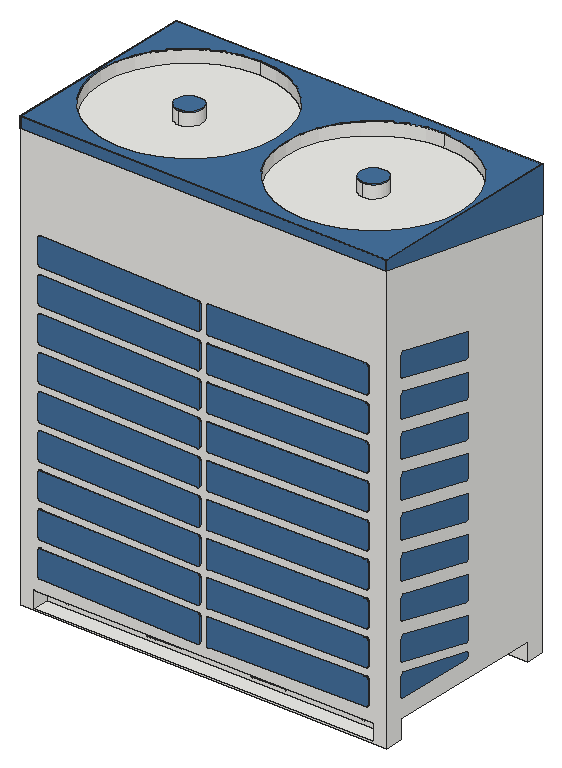
Revit family "bimlib_narujnyeblokisistemakondicionirovaniya_mrv-5-rc_16-22hp_haier", category Оборудование, Revit 2020
Family settings
  Размер круглого соединителя = Использовать диаметр
  Тип детали = Нормальный
  На основе рабочей плоскости = Нет
  Всегда вертикально = Да
  При загрузке вырезать с полостями = Нет
  Общий = Нет
  Точка расчета площади = Нет
Parameters (values of type "AV22IMVURA_22HP_HAIER")
  Тип компрессора = "DC INV. СПИРАЛ."  # constant formula
  Тип хладагента = "R410A"  # constant formula
  Рабочий диапазон_Охлаждение = "-5 ~ 50"  # constant formula
  Рабочий диапазон_Обогрев = "-23 ~ 21"  # constant formula
  Работа на обогрев = no
  Производитель компрессора = "MITSUBISHI ELECTRIC"  # constant formula
  Охлаждение_Номинальный ток = 32.31 A
  Охлаждение_Номинальная потребляемая мощность = 19.57 kW
  Охлаждение_Максимальный ток = 54.5 A
  Охлаждение_Максимальная потребляемая мощность = 33 kW
  Отметка по умолчанию = 0.00 mm
  Обогрев_Номинальный ток = 30.88 A
  Обогрев_Максимальный ток = 50.21 A
  Обогрев_Номинальная потребляемая мощность = 18.7 kW
  Обогрев_Максимальная потребляемая мощность = 30.4 kW
  Частота тока = 50 Hz  # constant formula
  Холодопроизводительность = 63 kW
  Теплопроизводительность = 69 kW
  Изготовитель = [ADSK_Завод-изготовитель]  # "Haier Group"
  Звуковое давление = "64"
  Звуковая мощность = "85"
  Заправка хладагента = 10.00 kg  # constant formula
  Диаметр_Газовой линии нагнетания = 25.40 mm  # constant formula
  Видимость_Зона обслуживания [instance] = no
  Watermark [instance] = "Модели защищены уникальным кодом"
  URL = "www.haier.com"
  Диаметр_Жидкость = 15.88 mm
  Диаметр_Газ = 28.58 mm  # constant formula
  HG_URL поставщика = "www.haierproff.ru"
  BL_Разработано = "support@bimlib.pro"
  BL_BIM library = "https://bimlib.pro/manufacturer/company/23806"
  ADSK_Расход жидкости [instance] = 0.0 L/s
  ADSK_Расход воздуха = 19000.0 m³/h
  ADSK_Размер_Ширина = 1410.00 mm  # constant formula
  ADSK_Размер_Глубина = 750.00 mm  # constant formula
  ADSK_Размер_Высота = 1690.00 mm  # constant formula
  ADSK_Полная мощность = ADSK_Номинальная мощность / ADSK_Коэффициент мощности  # 19570 VA
  ADSK_Обозначение = "MRV 5-RC"  # constant formula
  ADSK_Номинальная мощность = if(Работа на обогрев, Обогрев_Номинальная потребляемая мощность, Охлаждение_Номинальная потребляемая мощность)  # 19570 W
  ADSK_Напряжение = 400 V
  ADSK_Наименование краткое = "VRF-системы MRV 5-RC, 22HP"
  ADSK_Наименование = "Наружный блок VRF-системы кондиционирования MRV 5-RC, 22HP"
  ADSK_Масса = 375
  ADSK_Коэффициент мощности = 1
  ADSK_Количество фаз = 3
  ADSK_Количество = 1  # constant formula
  ADSK_Код изделия = "AV22IMVURA"
  ADSK_Классификация нагрузок = ОВК
  ADSK_Завод-изготовитель = "Haier Group"  # constant formula
  ADSK_Единица измерения = "шт."  # constant formula
  ADSK_Группирование = "VRF-системы MRV 5-RC"  # constant formula
  ADSK_Версия Revit = "2017"  # constant formula
  ADSK_URL страницы изделия = "https://haierproff.ru/material/cond/tech/products/multizonalnie_sistemy_vrf/mrv_V"
  ADSK_URL документации изделия = "https://haierproff.ru/material/cond/tech/products/multizonalnie_sistemy_vrf/mrv_V"
Reference planes
  plane 1 "По центру (Вперед/Назад)": y = 0
  plane 2: z = 0
  plane 3 "По центру (Влево/Вправо)": x = 0
  plane 4: x = -705
  plane 5: x = 705
  plane 6: y = 375
  plane 7: y = -375
  plane 8: z = 1690
  plane 9: z = 70
  plane 10: y = 305
  plane 11: y = -305
  plane 12 "1": y = 375
  plane 13: x = -605
  plane 14: z = 1370.593
  plane 15 "2": z = 210
  plane 16: y = 275
  plane 17 "3": z = 350
  plane 18 "4": z = 120
  plane 19: y = -275
  plane 20 "5": z = 1689
  plane 21: x = -420
  plane 22: x = 420
  plane 23: y = 310
  plane 24: z = 5
  plane 25: y = -310
  plane 26: y = 376
Forms (mm)
  Extrusion 1, solid, material "BIMLIB_Белый_Haier", detail levels medium+fine
    sketch origin (0, 0, 0) x (1, 0, 0) y (0, 1, 0)
      loop
        line (-705, 375) -> (-705, -375) -> (705, -375) -> (705, 375) -> (-705, 375)
    from 0 to 1689
  Extrusion 2, solid, material "BIMLIB_Синий_Haier", detail levels medium+fine
    sketch origin (-705, 375, 0) x (1, 0, 0) y (0, 0, -1)
      loop
        line (765, -1649) -> (0, -1649) -> (0, -1689) -> (1410, -1689) -> (1410, -1513.419) -> (865, -1438.957) -> (865, -1549)
        arc (865, -1549) -> (835.711, -1619.711) -> (765, -1649) r 100
    from 0 to 1
  Extrusion 3, solid, material "BIMLIB_Синий_Haier", detail levels medium+fine
    sketch origin (-705, -375, 0) x (0, 1, 0) y (0, 0, -1)
      loop
        line (751, -1649) -> (0, -1649) -> (0, -1689) -> (751, -1689) -> (751, -1649)
    from 0 to 1
  Extrusion 4, solid, material "BIMLIB_Синий_Haier", detail levels medium+fine
    sketch origin (705, -375, 0) x (-1, 0, 0) y (0, 0, -1)
      loop
        line (1411, -1649) -> (0, -1649) -> (0, -1689) -> (1411, -1689) -> (1411, -1649)
    from 0 to 1
  Extrusion 5, solid, material "BIMLIB_Синий_Haier", detail levels medium+fine
    sketch origin (705, 375, 0) x (0, -1, 0) y (0, 0, -1)
      loop
        line (751, -1649.181) -> (-1, -1513.238) -> (-1, -1689) -> (751, -1689) -> (751, -1649.181)
    from 0 to 1
  Extrusion 6, void, detail levels fine
    sketch origin (0, 0, 1689) x (0, 1, 0) y (1, 0, 0)
      loop
        circle (0, -356) r 340
      loop
        circle (0, -356) r 50
      loop
        circle (0, 356) r 340
      loop
        circle (0, 356) r 50
    from -1 to 49
  Extrusion 7, solid, material "BIMLIB_Синий_Haier", detail levels medium+fine
    sketch origin (500, 0, 1689) x (1, 0, 0) y (0, 1, 0)
      loop
        line (206, 376) -> (-1206, 376) -> (-1206, -376) -> (206, -376) -> (206, 376)
      loop
        circle (-856, 0) r 340
      loop
        circle (-856, 0) r 50
      loop
        circle (-144, 0) r 340
      loop
        circle (-144, 0) r 50
    from 1 to 0
  Extrusion 8, void
    sketch origin (0, 0, 0) x (1, 0, 0) y (0, 1, 0)
      loop
        line (-705, 305) -> (-705, -305) -> (705, -305) -> (705, 305) -> (-705, 305)
    from 0 to 70
  Extrusion 9, void, detail levels medium+fine
    sketch origin (-705, 375, 0) x (-1, 0, 0) y (0, 0, -1)
      loop
        line (-1360, -70) -> (-50, -70) -> (-50, -5) -> (-1360, -5) -> (-1360, -70)
    from 0 to 65
  Extrusion 10, void, detail levels medium+fine
    sketch origin (-705, 375, -45) x (-1, 0, 0) y (0, 0, -1)
      loop
        line (-1360, -115) -> (-50, -115) -> (-50, -50) -> (-1360, -50) -> (-1360, -115)
    from 685 to 750
  Extrusion 11, void
    sketch origin (705, -375, 0) x (1, 0, 0) y (0, 0, -1)
      loop
        arc (-440, -62.392) -> (-432.929, -59.463) -> (-430, -52.392) r 10
        line (-430, -52.392) -> (-430, -27.392)
        arc (-430, -27.392) -> (-432.929, -20.321) -> (-440, -17.392) r 10
        line (-440, -17.392) -> (-565.997, -17.392)
        arc (-565.997, -17.392) -> (-573.068, -20.321) -> (-575.997, -27.392) r 10
        line (-575.997, -27.392) -> (-575.997, -52.392)
        arc (-575.997, -52.392) -> (-573.068, -59.463) -> (-565.997, -62.392) r 10
        line (-565.997, -62.392) -> (-440, -62.392)
      loop
        circle (-133.805, -39.902) r 20
      loop
        line (-970, -62.392) -> (-844.003, -62.392)
        arc (-844.003, -62.392) -> (-836.932, -59.463) -> (-834.003, -52.392) r 10
        line (-834.003, -52.392) -> (-834.003, -27.392)
        arc (-834.003, -27.392) -> (-836.932, -20.321) -> (-844.003, -17.392) r 10
        line (-844.003, -17.392) -> (-970, -17.392)
        arc (-970, -17.392) -> (-977.071, -20.321) -> (-980, -27.392) r 10
        line (-980, -27.392) -> (-980, -52.392)
        arc (-980, -52.392) -> (-977.071, -59.463) -> (-970, -62.392) r 10
      loop
        circle (-1276.195, -39.902) r 20
    from 0 to 735.349
  Extrusion 12, solid, material "BIMLIB_Белый_Haier", detail levels medium+fine
    sketch origin (285, 0, 0) x (1, 0, 0) y (0, 0, 1)
      loop
        circle (261.539, 120) r 14.29
    from -376 to -375
  Extrusion 13, solid, material "BIMLIB_Белый_Haier", detail levels medium+fine
    sketch origin (235, 0, 0) x (1, 0, 0) y (0, 0, 1)
      loop
        circle (261.539, 120) r 7.94
    from -376 to -375
  Extrusion 14, solid, material "BIMLIB_Белый_Haier", detail levels medium+fine
    sketch origin (185, 0, 0) x (1, 0, 0) y (0, 0, 1)
      loop
        circle (261.539, 120) r 12.7
    from -376 to -375
Cuts and joins
  Extrusion 6, Extrusion 8, Extrusion 9, Extrusion 10, Extrusion 11 cuts Extrusion 1
Lines and regions (mm)
  Masking region 1, detail levels coarse
    outline origin (0, 0, 0) x (1, 0, 0) y (0, 1, 0)
      loop
        line (-705, 375) -> (-705, -375) -> (705, -375) -> (705, 375) -> (-705, 375)
  model lines, detail levels medium+fine
    curve 1: line (-155, 375, 1323.97) -> (-155, 375, 70)
    curve 2: line (-100.276, 375, 1403.395) -> (704.944, 375, 1513.411)
    curve 3: arc (-100.276, 375, 1403.395) -> (-139.995, 375, 1372.196) -> (-155, 375, 1323.97) r 85
    curve 4: line (-655, 375, 70) -> (704.944, 375, 70)
    curve 5: line (-705, 375, 1649.161) -> (59.677, 375, 1649.161)
    curve 6: line (160, 375, 1438.957) -> (160, 375, 1548.839)
    curve 7: arc (59.677, 375, 1649.161) -> (130.616, 375, 1619.778) -> (160, 375, 1548.839) r 100.323
    curve 8: line (-705, 375, 1649) -> (-705, -375, 1649)
    curve 9: line (-705, -375, 1649) -> (705, -375, 1649)
    curve 10: line (705, -375, 1649) -> (705, 375, 1513.419)
    curve 11: line (-655, 375, 0) -> (-655, 375, 1649.161)
    curve 12: line (-705, 305, 0) -> (-705, 305, 1649)
    curve 13: line (-705, -305, 0) -> (-705, -305, 1649)
    curve 14: line (705, -305, 0) -> (705, -305, 1636.346)
    curve 15: line (705, 305, 0) -> (705, 305, 1526.073)
    curve 16: line (-655, -375, 0) -> (-655, -375, 1649)
    curve 17: line (655, -375, 1649) -> (655, -375, 0)
    curve 18: line (-155, 375, 295) -> (704.944, 375, 295)
    curve 19: line (-95, 375, 1308.963) -> (-95, 375, 367.763)
    curve 20: line (615, 375, 1214.61) -> (615, 375, 454.354)
    curve 21: line (-95, 375, 1308.963) -> (591.139, 375, 1243.975)
    curve 22: line (590.43, 375, 424.85) -> (-95, 375, 367.763)
    curve 23: arc (591.139, 375, 1243.975) -> (608.283, 375, 1233.528) -> (615, 375, 1214.61) r 30
    curve 24: arc (615, 375, 454.354) -> (608.053, 375, 435.156) -> (590.43, 375, 424.85) r 30
    curve 37: circle (-356, 0, 1640) r 340 normal (0, 0, 1)
    curve 38: line (-96.348, 249.353, 1640) -> (-97.737, 250.792, 1640)
    curve 39: line (-96.348, -249.353, 1640) -> (-97.737, -250.792, 1640)
    curve 40: line (-615.652, -249.353, 1640) -> (-614.263, -250.792, 1640)
    curve 41: line (-615.652, 249.353, 1640) -> (-614.263, 250.792, 1640)
    curve 42: circle (-356, 0, 1640) r 50 normal (0, 0, 1)
    curve 43: line (705, 375, 70) -> (705, -375, 70)
    curve 44: line (-705, 305, 70) -> (-705, -305, 70)
    curve 45: line (-655, -375, 70) -> (655, -375, 70)
    curve 46: circle (557.1, 375, 249.453) r 25 normal (0, 1, 0)
    curve 47: circle (468.57, 375, 251.981) r 25 normal (0, 1, 0)
    curve 48: circle (440.463, 375, 213.367) r 15 normal (0, 1, 0)
    curve 49: circle (512.34, 375, 267.531) r 15 normal (0, 1, 0)
    curve 50: circle (608.548, 375, 214.202) r 15 normal (0, 1, 0)
    curve 51: line (584.43, 375, 70) -> (584.43, 375, 142.923)
    curve 52: line (581.574, 375, 153.224) -> (543.566, 375, 216.479)
    curve 53: line (534.994, 375, 221.329) -> (487.092, 375, 221.329)
    curve 54: line (481.357, 375, 219.52) -> (419.978, 375, 176.543)
    curve 55: line (411.45, 375, 160.16) -> (411.45, 375, 70)
    curve 56: line (472.731, 375, 213.48) -> (472.731, 375, 70)
    curve 57: arc (534.994, 375, 221.329) -> (539.919, 375, 220.032) -> (543.566, 375, 216.479) r 10
    curve 58: arc (487.092, 375, 221.329) -> (484.085, 375, 220.866) -> (481.357, 375, 219.52) r 10
    curve 59: arc (581.574, 375, 153.224) -> (583.703, 375, 148.268) -> (584.43, 375, 142.923) r 20
    curve 60: arc (419.978, 375, 176.543) -> (413.709, 375, 169.395) -> (411.45, 375, 160.16) r 20
    curve 61: line (705, 305, 295) -> (705, 375, 295)
    curve 62: circle (705, 250, 232.622) r 25 normal (1, 0, 0)
    curve 63: circle (705, 250, 178.02) r 25 normal (1, 0, 0)
    curve 64: circle (705, 195.472, 232.622) r 15 normal (1, 0, 0)
    curve 65: circle (705, 195.472, 178.02) r 15 normal (1, 0, 0)
    curve 70: circle (-356, 0, 1640) r 340 normal (0, 0, 1)
    curve 71: line (-96.348, 249.353, 1640) -> (-97.737, 250.792, 1640)
    curve 72: line (-96.348, -249.353, 1640) -> (-97.737, -250.792, 1640)
    curve 73: line (-615.652, -249.353, 1640) -> (-614.263, -250.792, 1640)
    curve 74: line (-615.652, 249.353, 1640) -> (-614.263, 250.792, 1640)
    curve 75: line (-335.742, -45.712, 1640) -> (-213.828, -275, 1640)
    curve 76: arc (-349.827, -49.617, 1640) -> (-347.264, -147.55, 1640) -> (-325.752, -243.126, 1640) r 502.605
    curve 77: arc (-325.752, -243.126, 1640) -> (-278.233, -288.709, 1640) -> (-213.828, -275, 1640) r 70.33
    curve 78: line (-310.288, 20.258, 1640) -> (-81, 142.172, 1640)
    curve 79: arc (-306.383, 6.173, 1640) -> (-208.45, 8.736, 1640) -> (-112.874, 30.248, 1640) r 502.605
    curve 80: arc (-112.874, 30.248, 1640) -> (-67.291, 77.767, 1640) -> (-81, 142.172, 1640) r 70.33
    curve 81: line (-401.712, -20.258, 1640) -> (-631, -142.172, 1640)
    curve 82: arc (-405.617, -6.173, 1640) -> (-503.55, -8.736, 1640) -> (-599.126, -30.248, 1640) r 502.605
    curve 83: arc (-599.126, -30.248, 1640) -> (-644.709, -77.767, 1640) -> (-631, -142.172, 1640) r 70.33
    curve 84: line (-376.258, 45.712, 1640) -> (-498.172, 275, 1640)
    curve 85: arc (-362.173, 49.617, 1640) -> (-364.736, 147.55, 1640) -> (-386.248, 243.126, 1640) r 502.605
    curve 86: arc (-386.248, 243.126, 1640) -> (-433.767, 288.709, 1640) -> (-498.172, 275, 1640) r 70.33
    curve 87: circle (-356, 0, 1640) r 50 normal (0, 0, 1)
    curve 88: circle (356, 0, 1640) r 340 normal (0, 0, 1)
    curve 89: line (615.652, 249.353, 1640) -> (614.263, 250.792, 1640)
    curve 90: line (615.652, -249.353, 1640) -> (614.263, -250.792, 1640)
    curve 91: line (96.348, -249.353, 1640) -> (97.737, -250.792, 1640)
    curve 92: line (96.348, 249.353, 1640) -> (97.737, 250.792, 1640)
    curve 93: line (376.258, -45.712, 1640) -> (498.172, -275, 1640)
    curve 94: arc (362.173, -49.617, 1640) -> (364.736, -147.55, 1640) -> (386.248, -243.126, 1640) r 502.605
    curve 95: arc (386.248, -243.126, 1640) -> (433.767, -288.709, 1640) -> (498.172, -275, 1640) r 70.33
    curve 96: line (401.712, 20.258, 1640) -> (631, 142.172, 1640)
    curve 97: arc (405.617, 6.173, 1640) -> (503.55, 8.736, 1640) -> (599.126, 30.248, 1640) r 502.605
    curve 98: arc (599.126, 30.248, 1640) -> (644.709, 77.767, 1640) -> (631, 142.172, 1640) r 70.33
    curve 99: line (310.288, -20.258, 1640) -> (81, -142.172, 1640)
    curve 100: arc (306.383, -6.173, 1640) -> (208.45, -8.736, 1640) -> (112.874, -30.248, 1640) r 502.605
    curve 101: arc (112.874, -30.248, 1640) -> (67.291, -77.767, 1640) -> (81, -142.172, 1640) r 70.33
    curve 102: line (335.742, 45.712, 1640) -> (213.828, 275, 1640)
    curve 103: arc (349.827, 49.617, 1640) -> (347.264, 147.55, 1640) -> (325.752, 243.126, 1640) r 502.605
    curve 104: arc (325.752, 243.126, 1640) -> (278.233, 288.709, 1640) -> (213.828, 275, 1640) r 70.33
    curve 105: circle (356, 0, 1640) r 50 normal (0, 0, 1)
    curve 106: circle (-356, 0, 1689) r 50 normal (0, 0, 1)
    curve 107: line (-356, -50, 1689) -> (-356, -350, 1689)
    curve 108: line (-406, 0, 1689) -> (-706, 0, 1689)
    curve 109: line (-356, 50, 1689) -> (-356, 350, 1689)
    curve 110: line (-357, 49.99, 1689) -> (-357, 349.999, 1689)
    curve 111: line (-355, 49.99, 1689) -> (-355, 349.999, 1689)
    curve 112: line (-405.99, -1, 1689) -> (-705.999, -1, 1689)
    curve 113: line (-405.99, 1, 1689) -> (-705.999, 1, 1689)
    curve 114: line (-357, -49.99, 1689) -> (-357, -349.999, 1689)
    curve 115: line (-355, -49.99, 1689) -> (-355, -349.999, 1689)
    curve 116: line (-137.348, -249.353, 1640) -> (-138.737, -250.792, 1640)
    curve 117: line (-391.967, -34.733, 1689) -> (-614.958, -250.072, 1689)
    curve 118: line (-392.654, -34.007, 1689) -> (-615.652, -249.353, 1689)
    curve 119: line (-391.265, -35.445, 1689) -> (-614.263, -250.792, 1689)
    curve 120: line (-391.967, 34.733, 1689) -> (-614.958, 250.072, 1689)
    curve 121: line (-392.654, 34.007, 1689) -> (-615.652, 249.353, 1689)
    curve 122: line (-391.265, 35.445, 1689) -> (-614.263, 250.792, 1689)
    curve 123: circle (-356, 0, 1689) r 80 normal (0, 0, 1)
    curve 124: circle (-356, 0, 1689) r 110 normal (0, 0, 1)
    curve 125: circle (-356, 0, 1689) r 140 normal (0, 0, 1)
    curve 126: circle (-356, 0, 1689) r 170 normal (0, 0, 1)
    curve 127: circle (-356, 0, 1689) r 200 normal (0, 0, 1)
    curve 128: circle (-356, 0, 1689) r 230 normal (0, 0, 1)
    curve 129: circle (-356, 0, 1689) r 260 normal (0, 0, 1)
    curve 130: circle (-356, 0, 1689) r 290 normal (0, 0, 1)
    curve 131: circle (-356, 0, 1689) r 320 normal (0, 0, 1)
    curve 132: line (-306, 0, 1689) -> (-6, 0, 1689)
    curve 133: line (-306.01, -1, 1689) -> (-6.001, -1, 1689)
    curve 134: line (-306.01, 1, 1689) -> (-6.001, 1, 1689)
    curve 135: line (-320.033, -34.733, 1689) -> (-97.042, -250.072, 1689)
    curve 136: line (-319.346, -34.007, 1689) -> (-96.348, -249.353, 1689)
    curve 137: line (-320.735, -35.445, 1689) -> (-97.737, -250.792, 1689)
    curve 138: line (-320.033, 34.733, 1689) -> (-97.042, 250.072, 1689)
    curve 139: line (-319.346, 34.007, 1689) -> (-96.348, 249.353, 1689)
    curve 140: line (-320.735, 35.445, 1689) -> (-97.737, 250.792, 1689)
    curve 141: circle (356, 0, 1689) r 50 normal (0, 0, 1)
    curve 142: line (356, -50, 1689) -> (356, -350, 1689)
    curve 143: line (306, 0, 1689) -> (6, 0, 1689)
    curve 144: line (356, 50, 1689) -> (356, 350, 1689)
    curve 145: line (355, 49.99, 1689) -> (355, 349.999, 1689)
    curve 146: line (357, 49.99, 1689) -> (357, 349.999, 1689)
    curve 147: line (306.01, -1, 1689) -> (6.001, -1, 1689)
    curve 148: line (306.01, 1, 1689) -> (6.001, 1, 1689)
    curve 149: line (355, -49.99, 1689) -> (355, -349.999, 1689)
    curve 150: line (357, -49.99, 1689) -> (357, -349.999, 1689)
    curve 151: line (474.652, -249.353, 1640) -> (473.263, -250.792, 1640)
    curve 152: line (320.033, -34.733, 1689) -> (97.042, -250.072, 1689)
    curve 153: line (319.346, -34.007, 1689) -> (96.348, -249.353, 1689)
    curve 154: line (320.735, -35.445, 1689) -> (97.737, -250.792, 1689)
    curve 155: line (-44.652, -249.353, 1640) -> (-43.263, -250.792, 1640)
    curve 156: line (320.033, 34.733, 1689) -> (97.042, 250.072, 1689)
    curve 157: line (319.346, 34.007, 1689) -> (96.348, 249.353, 1689)
    curve 158: line (320.735, 35.445, 1689) -> (97.737, 250.792, 1689)
    curve 159: circle (356, 0, 1689) r 80 normal (0, 0, 1)
    curve 160: circle (356, 0, 1689) r 110 normal (0, 0, 1)
    curve 161: circle (356, 0, 1689) r 140 normal (0, 0, 1)
    curve 162: circle (356, 0, 1689) r 170 normal (0, 0, 1)
    curve 163: circle (356, 0, 1689) r 200 normal (0, 0, 1)
    curve 164: circle (356, 0, 1689) r 230 normal (0, 0, 1)
    curve 165: circle (356, 0, 1689) r 260 normal (0, 0, 1)
    curve 166: circle (356, 0, 1689) r 290 normal (0, 0, 1)
    curve 167: circle (356, 0, 1689) r 320 normal (0, 0, 1)
    curve 168: line (406, 0, 1689) -> (706, 0, 1689)
    curve 169: line (405.99, -1, 1689) -> (705.999, -1, 1689)
    curve 170: line (405.99, 1, 1689) -> (705.999, 1, 1689)
    curve 171: line (391.967, -34.733, 1689) -> (614.958, -250.072, 1689)
    curve 172: line (392.654, -34.007, 1689) -> (615.652, -249.353, 1689)
    curve 173: line (391.265, -35.445, 1689) -> (614.263, -250.792, 1689)
    curve 174: line (391.967, 34.733, 1689) -> (614.958, 250.072, 1689)
    curve 175: line (392.654, 34.007, 1689) -> (615.652, 249.353, 1689)
    curve 176: line (391.265, 35.445, 1689) -> (614.263, 250.792, 1689)
  model lines, style "УГО", detail levels coarse
    curve 25: line (-705, 375, 1689) -> (-705, 375, 0)
    curve 26: line (-705, 375, 0) -> (704.944, 375, 0)
    curve 27: line (704.944, 375, 0) -> (704.944, 375, 1689)
    curve 28: line (704.944, 375, 1689) -> (-705, 375, 1689)
    curve 29: line (705, -375, 1689) -> (705, 375, 1689)
    curve 30: line (705, -375, 0) -> (705, 375, 0)
    curve 31: line (705, -375, 0) -> (705, -375, 1689)
    curve 32: line (-705, -375, 1689) -> (-705, -375, 0)
    curve 33: line (-705, -375, 0) -> (705, -375, 0)
    curve 34: line (-705, -375, 1689) -> (705, -375, 1689)
    curve 35: line (-705, 375, 1689) -> (-705, -375, 1689)
    curve 36: line (-705, 375, 0) -> (-705, -375, 0)
  symbolic lines, style "УГО"
    curve 66: line (-705, 375, 0) -> (705, 375, 0)
    curve 67: line (705, 375, 0) -> (705, -375, 0)
    curve 68: line (705, -375, 0) -> (-705, -375, 0)
    curve 69: line (-705, -375, 0) -> (-705, 375, 0)
Dimensions and locks
  "ADSK_Размер_Ширина": plane 4 to plane 5
  "ADSK_Размер_Глубина": plane 6 to plane 7
  "ADSK_Размер_Высота": level to plane 8
  equal spacing: plane 6, plane 1 "По центру (Вперед/Назад)", plane 7
  equal spacing: plane 4, plane 3 "По центру (Влево/Вправо)", plane 5
  plane 9 to plane 8 = 1620.00 mm
  locked: level to plane 9 at 70
  locked: plane 13 to plane 4 at 100
  equal spacing: group 1, group 2, group 3, group 4, group 5, group 6, group 7, group 8  (x3)
  level to plane 15 "2" = 210.00 mm
  locked: plane 6 to plane 16 at 100
  equal spacing: group 9, group 10, group 11, group 12, group 13, group 14, group 15, group 16, group 17  (x2)
  equal spacing: group 17, group 16, group 15, group 14, group 13, group 12, group 11, group 10, group 9
  plane 15 "2" to plane 17 "3" = 140.00 mm
  plane 18 "4" to plane 9 = 50.00 mm
  plane 16 to plane 6 = 100.00 mm
  plane 7 to plane 19 = 100.00 mm
  equal spacing: group 18, group 19, group 20, group 21, group 22, group 23, group 24, group 25, group 26  (x3)
  equal spacing: group 27, group 28, group 29, group 30, group 31, group 32, group 33, group 34  (x3)
  locked: plane 13 to nested 35 at 12.067
  locked: plane 18 "4" to nested 35 at 20
  locked: nested 35 to plane 18 "4" at 20
  locked: nested 36 to plane 18 "4" at 20
  plane 20 "5" to plane 8 = 1.00 mm
  locked: plane 23 to plane 10 at 5
  plane 24 to level = 5.00 mm
  locked: plane 11 to plane 25 at 5
  equal spacing: group 35, group 36, group 37, group 38, group 39, group 40, group 41, group 42, group 43  (x3)
  locked: plane 26 to plane 12 "1" at 1
  "Диаметр_Газ": diameter of Extrusion 12 sketch curve
  "Диаметр_Жидкость": diameter of Extrusion 13 sketch curve
  "Диаметр_Газовой линии нагнетания": diameter of Extrusion 14 sketch curve
  aligned and locked: level to plane 2
  aligned and locked: Extrusion 1 sketch curve to plane 6
  aligned and locked: Extrusion 1 sketch curve to plane 5
  aligned and locked: plane 7 to Extrusion 1 sketch curve
  aligned and locked: plane 4 to Extrusion 1 sketch curve
  aligned and locked: Extrusion 1 to level
  aligned and locked: level to cut or joined group of Extrusion 1, Extrusion 6, Extrusion 8, Extrusion 9, Extrusion 10, Extrusion 11
  aligned and locked: plane 4 to cut or joined group of Extrusion 1, Extrusion 6, Extrusion 8, Extrusion 9, Extrusion 10, Extrusion 11
  aligned and locked: nested 2 to plane 13
  aligned and locked: plane 15 "2" to nested 1
  aligned and locked: plane 12 "1" to plane 6
  aligned and locked: plane 17 "3" to nested 2
  aligned and locked: nested 9 to plane 18 "4"
  aligned and locked: plane 16 to nested 9
  aligned and locked: plane 16 to nested 11
  aligned and locked: plane 18 "4" to nested 19
  aligned and locked: plane 19 to nested 19
  aligned and locked: plane 19 to nested 20
  aligned and locked: plane 11 to nested 10
  aligned and locked: plane 15 "2" to nested 10
  aligned and locked: plane 11 to nested 28
  aligned and locked: nested 36 to plane 11
  aligned and locked: plane 20 "5" to Extrusion 1
  aligned and locked: plane 8 to Extrusion 6
  aligned and locked: Extrusion 7 to cut or joined group of Extrusion 1, Extrusion 6, Extrusion 8, Extrusion 9, Extrusion 10, Extrusion 11
  aligned and locked: plane 8 to Extrusion 7
  aligned and locked: plane 9 to Extrusion 8
  aligned and locked: plane 23 to cut or joined group of Extrusion 1, Extrusion 6, Extrusion 8, Extrusion 9, Extrusion 10, Extrusion 11
  aligned and locked: cut or joined group of Extrusion 1, Extrusion 6, Extrusion 8, Extrusion 9, Extrusion 10, Extrusion 11 to plane 24
  aligned and locked: plane 9 to cut or joined group of Extrusion 1, Extrusion 6, Extrusion 8, Extrusion 9, Extrusion 10, Extrusion 11
  aligned and locked: curve 17 to Extrusion 9
  aligned and locked: Extrusion 9 to curve 4
  aligned and locked: plane 9 to Extrusion 10
  aligned and locked: Extrusion 10 to Extrusion 9
  aligned and locked: Extrusion 10 to plane 25
  aligned and locked: nested 37 to plane 18 "4"
  aligned and locked: curve 69 to Masking region 1 sketch curve
  aligned and locked: Masking region 1 sketch curve to curve 66
  aligned and locked: Masking region 1 sketch curve to curve 67
  aligned and locked: Masking region 1 sketch curve to curve 68
  aligned and locked: plane 4 to curve 69
  aligned and locked: plane 7 to curve 68
  aligned and locked: curve 66 to plane 6
  aligned and locked: curve 67 to plane 5
  aligned and locked: plane 3 "По центру (Влево/Вправо)" to nested 47
  aligned and locked: plane 1 "По центру (Вперед/Назад)" to nested 47
  aligned and locked: nested 46 to plane 1 "По центру (Вперед/Назад)"
  aligned and locked: nested 46 to plane 3 "По центру (Влево/Вправо)"
  aligned and locked: nested 1 to plane 13
  aligned and locked: nested 35 to plane 15 "2"
  aligned and locked: plane 18 "4" to nested 48
Automatic sketch dimensions
  Extrusion 1 sketch curve to plane 5 = 0.00 mm
  curve 25 to Extrusion 1 = 0.00 mm
  Extrusion 1 to curve 25 = 0.00 mm
  curve 26 to Extrusion 1 = 0.00 mm
  curve 1 to Extrusion 1 = 550.00 mm
  Extrusion 1 to curve 2 = 285.605 mm
  curve 1 to curve 2 = 54.724 mm
  curve 18 to curve 22 = 60.00 mm
  curve 19 to curve 3 = 25.00 mm
  curve 2 to curve 7 = 159.953 mm
  curve 7 to curve 6 = 100.323 mm
  curve 55 to Extrusion 1 = 293.55 mm
  Extrusion 1 to curve 54 = 176.543 mm
  curve 60 to curve 54 = 8.528 mm
  curve 60 to curve 60 = 11.472 mm
  curve 54 to curve 48 = 20.485 mm
  curve 48 to curve 47 = 28.107 mm
  curve 47 to curve 54 = 12.787 mm
  curve 54 to curve 58 = 5.736 mm
  curve 47 to curve 49 = 43.771 mm
  curve 53 to curve 53 = 47.902 mm
  curve 53 to curve 52 = 8.572 mm
  curve 57 to curve 46 = 13.534 mm
  curve 57 to curve 59 = 29.436 mm
  curve 59 to curve 52 = 17.143 mm
  curve 59 to curve 51 = 2.857 mm
  curve 23 to Extrusion 1 = 120.00 mm
  curve 24 to Extrusion 1 = 120.00 mm
  curve 24 to curve 22 = 5.43 mm
  curve 23 to curve 21 = 6.139 mm
  curve 46 to curve 50 = 51.448 mm
  curve 24 to curve 20 = 30.00 mm
  curve 26 to Extrusion 1 = 0.056 mm
  Extrusion 1 to curve 5 = 39.839 mm
  curve 3 to curve 19 = 15.008 mm
  Extrusion 1 to curve 21 = 445.025 mm
  curve 20 to curve 54 = 277.811 mm
  Extrusion 1 to curve 19 = 367.763 mm
  curve 49 to curve 54 = 90.988 mm
  curve 49 to curve 47 = 15.549 mm
  curve 49 to curve 46 = 18.077 mm
  curve 46 to curve 53 = 28.124 mm
  curve 53 to curve 54 = 1.808 mm
  curve 53 to curve 52 = 4.85 mm
  curve 46 to curve 50 = 35.252 mm
  curve 54 to curve 48 = 6.153 mm
  curve 50 to curve 52 = 60.978 mm
  curve 55 to curve 56 = 61.281 mm
  Extrusion 1 to curve 2 = 175.589 mm
  curve 19 to curve 18 = 72.763 mm
  Extrusion 1 to curve 56 = 70.00 mm
  curve 8 to Extrusion 1 = 0.00 mm  (x2)
  curve 36 to Extrusion 1 = 0.00 mm  (x3)
  Extrusion 1 to curve 35 = 0.00 mm
  curve 35 to Extrusion 1 = 0.00 mm  (x2)
  curve 44 to Extrusion 1 = 70.00 mm
  Extrusion 1 to curve 12 = 70.00 mm
  curve 35 to curve 8 = 40.00 mm
  Extrusion 1 to curve 44 = 70.00 mm
  curve 9 to Extrusion 1 = 0.00 mm
  curve 34 to Extrusion 1 = 0.00 mm  (x3)
  curve 33 to Extrusion 1 = 0.00 mm  (x2)
  Extrusion 1 to curve 16 = 50.00 mm
  Extrusion 1 to curve 17 = 40.00 mm
  Extrusion 1 to curve 45 = 70.00 mm
  curve 30 to Extrusion 1 = 0.00 mm  (x2)
  curve 10 to Extrusion 1 = 0.00 mm
  Extrusion 1 to curve 29 = 0.00 mm
  curve 29 to Extrusion 1 = 0.00 mm  (x2)
  curve 61 to Extrusion 1 = 0.00 mm
  curve 43 to Extrusion 1 = 0.00 mm
  Extrusion 1 to curve 63 = 125.00 mm
  curve 62 to curve 63 = 0.00 mm
  curve 63 to curve 65 = 54.528 mm
  curve 62 to curve 64 = 54.528 mm
  Extrusion 1 to curve 62 = 232.622 mm
  curve 64 to curve 62 = 0.00 mm
  curve 62 to curve 63 = 54.602 mm
  curve 65 to curve 63 = 0.00 mm
  Extrusion 1 to curve 15 = 70.00 mm
  Extrusion 1 to curve 14 = 70.00 mm
  Extrusion 1 to curve 10 = 40.00 mm
  Extrusion 1 to curve 14 = 52.654 mm
  curve 61 to curve 62 = 62.378 mm
  curve 43 to curve 30 = 70.00 mm
  Extrusion 2 sketch curve to Extrusion 1 = 0.00 mm  (x2)
  Extrusion 1 to Extrusion 2 sketch curve = 0.00 mm
  Extrusion 1 to Extrusion 2 sketch curve = 40.00 mm
  Extrusion 2 sketch curve to Extrusion 1 = 645.00 mm
  Extrusion 2 sketch curve to Extrusion 2 sketch curve = 100.00 mm
  Extrusion 1 to Extrusion 2 sketch curve = 175.581 mm
  Extrusion 2 sketch curve to Extrusion 2 sketch curve = 110.043 mm
  Extrusion 3 sketch curve to Extrusion 1 = 0.00 mm  (x2)
  Extrusion 3 sketch curve to Extrusion 1 = 1.00 mm
  Extrusion 1 to Extrusion 3 sketch curve = 40.00 mm
  Extrusion 4 sketch curve to Extrusion 1 = 0.00 mm  (x2)
  Extrusion 4 sketch curve to Extrusion 1 = 1.00 mm
  Extrusion 1 to Extrusion 4 sketch curve = 40.00 mm
  Extrusion 1 to Extrusion 5 sketch curve = 0.00 mm
  Extrusion 5 sketch curve to Extrusion 1 = 1.00 mm  (x2)
  Extrusion 1 to Extrusion 5 sketch curve = 39.819 mm
  Extrusion 1 to Extrusion 5 sketch curve = 175.762 mm
  Extrusion 6 sketch curve to Extrusion 6 sketch curve = 0.00 mm  (x4)
  Extrusion 6 sketch curve to Extrusion 1 = 375.00 mm  (x2)
  Extrusion 6 sketch curve to Extrusion 1 = 349.00 mm  (x2)
  Extrusion 7 sketch curve to Extrusion 7 sketch curve = 0.00 mm  (x12)
  Extrusion 1 to Extrusion 7 sketch curve = 1.00 mm  (x4)
  Extrusion 7 sketch curve to Extrusion 1 = 349.00 mm  (x2)
  Extrusion 7 sketch curve to Extrusion 1 = 375.00 mm  (x2)
  Extrusion 7 sketch curve to Extrusion 1 = 35.00 mm  (x2)
  curve 94 to curve 105 = 85.497 mm
  curve 76 to curve 88 = 85.497 mm
  curve 83 to curve 42 = 97.03 mm
  curve 101 to curve 76 = 11.533 mm
  curve 81 to curve 83 = 45.141 mm
  curve 99 to curve 101 = 45.141 mm
  curve 77 to curve 87 = 221.068 mm
  curve 95 to curve 105 = 221.068 mm
  curve 93 to curve 95 = 53.932 mm
  curve 75 to curve 77 = 53.932 mm
  curve 82 to curve 77 = 232.496 mm
  curve 100 to curve 95 = 232.496 mm
  curve 70 to curve 103 = 85.497 mm
  curve 83 to curve 85 = 227.669 mm
  curve 105 to curve 98 = 97.03 mm
  curve 103 to curve 80 = 11.533 mm
  curve 98 to curve 96 = 45.141 mm
  curve 80 to curve 78 = 45.141 mm
  curve 88 to curve 104 = 221.068 mm
  curve 70 to curve 86 = 221.068 mm
  curve 104 to curve 102 = 53.932 mm
  curve 86 to curve 84 = 53.932 mm
  curve 102 to curve 97 = 232.496 mm
  curve 84 to curve 79 = 232.496 mm
  curve 97 to curve 105 = 85.497 mm
  curve 95 to curve 105 = 97.03 mm
  curve 93 to curve 95 = 45.141 mm
  curve 98 to curve 105 = 221.068 mm
  curve 96 to curve 98 = 53.932 mm
  curve 94 to curve 98 = 264.37 mm
  curve 95 to curve 100 = 115.746 mm
  curve 88 to curve 104 = 97.03 mm
  curve 104 to curve 102 = 45.141 mm
  curve 88 to curve 76 = 204.504 mm
  curve 76 to curve 101 = 16.564 mm
  curve 101 to curve 99 = 53.932 mm
  curve 101 to curve 78 = 193.874 mm
  curve 80 to curve 80 = 53.932 mm
  curve 80 to curve 103 = 16.564 mm
  curve 75 to curve 87 = 142.172 mm
  curve 75 to curve 77 = 45.141 mm
  curve 80 to curve 79 = 189.503 mm
  curve 77 to curve 82 = 115.746 mm
  curve 70 to curve 86 = 97.03 mm
  curve 86 to curve 84 = 45.141 mm
  curve 42 to curve 83 = 221.068 mm
  curve 83 to curve 81 = 53.932 mm
  curve 83 to curve 85 = 264.37 mm
  curve 100 to curve 88 = 6.173 mm
  curve 82 to curve 42 = 6.173 mm
  curve 81 to curve 82 = 14.084 mm
  curve 99 to curve 100 = 14.084 mm
  curve 75 to curve 87 = 45.712 mm
  curve 93 to curve 105 = 45.712 mm
  curve 94 to curve 93 = 3.905 mm
  curve 76 to curve 75 = 3.905 mm
  curve 75 to curve 72 = 25.647 mm
  curve 93 to curve 90 = 25.647 mm
  curve 72 to curve 155 = 0.00 mm
  curve 39 to curve 72 = 0.00 mm  (x3)
  curve 40 to curve 81 = 107.181 mm
  curve 95 to curve 151 = 25.647 mm
  curve 91 to curve 99 = 107.181 mm
  curve 116 to curve 72 = 0.00 mm
  curve 73 to curve 40 = 0.00 mm  (x2)
  curve 155 to curve 155 = 1.439 mm
  curve 72 to curve 72 = 1.439 mm
  curve 91 to curve 91 = 1.439 mm
  curve 73 to curve 73 = 1.439 mm
  curve 40 to curve 73 = 0.00 mm  (x2)
  curve 90 to curve 90 = 1.439 mm
  curve 116 to curve 116 = 1.439 mm
  curve 151 to curve 151 = 1.439 mm
  curve 70 to curve 79 = 6.173 mm
  curve 105 to curve 97 = 6.173 mm
  curve 79 to curve 78 = 14.084 mm
  curve 97 to curve 96 = 14.084 mm
  curve 88 to curve 102 = 45.712 mm
  curve 70 to curve 84 = 45.712 mm
  curve 102 to curve 103 = 3.905 mm
  curve 84 to curve 85 = 3.905 mm
  curve 80 to curve 38 = 107.181 mm
  curve 74 to curve 84 = 25.647 mm
  curve 92 to curve 102 = 25.647 mm
  curve 96 to curve 89 = 107.181 mm
  curve 41 to curve 74 = 0.00 mm  (x2)
  curve 71 to curve 38 = 0.00 mm  (x4)
  curve 41 to curve 74 = 1.439 mm
  curve 89 to curve 89 = 1.439 mm
  curve 92 to curve 92 = 1.439 mm
  curve 38 to curve 38 = 1.439 mm
  curve 95 to curve 151 = 24.909 mm
  curve 151 to curve 151 = 1.389 mm
  curve 90 to curve 93 = 116.091 mm
  curve 96 to curve 89 = 16.737 mm
  curve 90 to curve 90 = 1.389 mm
  curve 89 to curve 89 = 1.389 mm
  curve 102 to curve 92 = 116.091 mm
  curve 91 to curve 99 = 16.737 mm
  curve 91 to curve 91 = 1.389 mm
  curve 92 to curve 92 = 1.389 mm
  curve 91 to curve 155 = 139.611 mm
  curve 155 to curve 155 = 1.389 mm
  curve 80 to curve 38 = 15.348 mm
  curve 155 to curve 72 = 51.696 mm
  curve 72 to curve 39 = 1.389 mm
  curve 38 to curve 38 = 1.389 mm
  curve 72 to curve 39 = 0.00 mm
  curve 39 to curve 116 = 39.611 mm
  curve 116 to curve 116 = 1.389 mm
  curve 84 to curve 41 = 116.091 mm
  curve 40 to curve 81 = 16.737 mm
  curve 74 to curve 41 = 0.00 mm  (x2)
  curve 40 to curve 73 = 1.389 mm
  curve 41 to curve 41 = 1.389 mm
  Extrusion 8 sketch curve to plane 4 = 0.00 mm
  Extrusion 8 sketch curve to plane 5 = 0.00 mm
  plane 11 to Extrusion 8 sketch curve = 0.00 mm
  plane 10 to Extrusion 8 sketch curve = 0.00 mm
  Extrusion 9 sketch curve to Extrusion 1 = 5.00 mm
  Extrusion 1 to Extrusion 9 sketch curve = 50.00 mm  (x2)
  Extrusion 9 sketch curve to Extrusion 9 sketch curve = 65.00 mm
  Extrusion 10 sketch curve to Extrusion 1 = 5.00 mm
  Extrusion 1 to Extrusion 10 sketch curve = 50.00 mm  (x2)
  Extrusion 10 sketch curve to Extrusion 10 sketch curve = 65.00 mm
  Extrusion 11 sketch curve to Extrusion 1 = 39.902 mm  (x2)
  Extrusion 11 sketch curve to Extrusion 1 = 133.805 mm
  Extrusion 11 sketch curve to Extrusion 1 = 27.392 mm  (x3)
  Extrusion 11 sketch curve to Extrusion 11 sketch curve = 296.195 mm
  Extrusion 11 sketch curve to Extrusion 11 sketch curve = 10.00 mm  (x6)
  Extrusion 11 sketch curve to Extrusion 11 sketch curve = 125.997 mm  (x2)
  Extrusion 11 sketch curve to Extrusion 11 sketch curve = 0.00 mm
  Extrusion 11 sketch curve to Extrusion 11 sketch curve = 258.005 mm
  Extrusion 1 to Extrusion 11 sketch curve = 133.805 mm
  Extrusion 11 sketch curve to Extrusion 11 sketch curve = 25.00 mm  (x2)
  curve 106 to curve 123 = 0.00 mm  (x2)
  curve 106 to curve 124 = 0.00 mm  (x2)
  curve 106 to curve 125 = 0.00 mm  (x2)
  curve 106 to curve 126 = 0.00 mm  (x2)
  curve 106 to curve 127 = 0.00 mm  (x2)
  curve 106 to curve 128 = 0.00 mm  (x2)
  curve 106 to curve 129 = 0.00 mm  (x2)
  curve 106 to curve 130 = 0.00 mm  (x2)
  curve 106 to curve 131 = 0.00 mm  (x2)
  curve 123 to curve 124 = 0.00 mm  (x2)
  curve 123 to curve 125 = 0.00 mm  (x2)
  curve 123 to curve 126 = 0.00 mm  (x2)
  curve 123 to curve 127 = 0.00 mm  (x2)
  curve 123 to curve 128 = 0.00 mm  (x2)
  curve 123 to curve 129 = 0.00 mm  (x2)
  curve 123 to curve 130 = 0.00 mm  (x2)
  curve 123 to curve 131 = 0.00 mm  (x2)
  curve 124 to curve 125 = 0.00 mm  (x2)
  curve 124 to curve 126 = 0.00 mm  (x2)
  curve 124 to curve 127 = 0.00 mm  (x2)
  curve 124 to curve 128 = 0.00 mm  (x2)
  curve 124 to curve 129 = 0.00 mm  (x2)
  curve 124 to curve 130 = 0.00 mm  (x2)
  curve 124 to curve 131 = 0.00 mm  (x2)
  curve 125 to curve 126 = 0.00 mm  (x2)
  curve 125 to curve 127 = 0.00 mm  (x2)
  curve 125 to curve 128 = 0.00 mm  (x2)
  curve 125 to curve 129 = 0.00 mm  (x2)
  curve 125 to curve 130 = 0.00 mm  (x2)
  curve 125 to curve 131 = 0.00 mm  (x2)
  curve 126 to curve 127 = 0.00 mm  (x2)
  curve 126 to curve 128 = 0.00 mm  (x2)
  curve 126 to curve 129 = 0.00 mm  (x2)
  curve 126 to curve 130 = 0.00 mm  (x2)
  curve 126 to curve 131 = 0.00 mm  (x2)
  curve 127 to curve 128 = 0.00 mm  (x2)
  curve 127 to curve 129 = 0.00 mm  (x2)
  curve 127 to curve 130 = 0.00 mm  (x2)
  curve 127 to curve 131 = 0.00 mm  (x2)
  curve 128 to curve 129 = 0.00 mm  (x2)
  curve 128 to curve 130 = 0.00 mm  (x2)
  curve 128 to curve 131 = 0.00 mm  (x2)
  curve 129 to curve 130 = 0.00 mm  (x2)
  curve 129 to curve 131 = 0.00 mm  (x2)
  curve 130 to curve 131 = 0.00 mm  (x2)
  curve 141 to curve 159 = 0.00 mm  (x2)
  curve 141 to curve 160 = 0.00 mm  (x2)
  curve 141 to curve 161 = 0.00 mm  (x2)
  curve 141 to curve 162 = 0.00 mm  (x2)
  curve 141 to curve 163 = 0.00 mm  (x2)
  curve 141 to curve 164 = 0.00 mm  (x2)
  curve 141 to curve 165 = 0.00 mm  (x2)
  curve 141 to curve 166 = 0.00 mm  (x2)
  curve 141 to curve 167 = 0.00 mm  (x2)
  curve 159 to curve 160 = 0.00 mm  (x2)
  curve 159 to curve 161 = 0.00 mm  (x2)
  curve 159 to curve 162 = 0.00 mm  (x2)
  curve 159 to curve 163 = 0.00 mm  (x2)
  curve 159 to curve 164 = 0.00 mm  (x2)
  curve 159 to curve 165 = 0.00 mm  (x2)
  curve 159 to curve 166 = 0.00 mm  (x2)
  curve 159 to curve 167 = 0.00 mm  (x2)
  curve 160 to curve 161 = 0.00 mm  (x2)
  curve 160 to curve 162 = 0.00 mm  (x2)
  curve 160 to curve 163 = 0.00 mm  (x2)
  curve 160 to curve 164 = 0.00 mm  (x2)
  curve 160 to curve 165 = 0.00 mm  (x2)
  curve 160 to curve 166 = 0.00 mm  (x2)
  curve 160 to curve 167 = 0.00 mm  (x2)
  curve 161 to curve 162 = 0.00 mm  (x2)
  curve 161 to curve 163 = 0.00 mm  (x2)
  curve 161 to curve 164 = 0.00 mm  (x2)
  curve 161 to curve 165 = 0.00 mm  (x2)
  curve 161 to curve 166 = 0.00 mm  (x2)
  curve 161 to curve 167 = 0.00 mm  (x2)
  curve 162 to curve 163 = 0.00 mm  (x2)
  curve 162 to curve 164 = 0.00 mm  (x2)
  curve 162 to curve 165 = 0.00 mm  (x2)
  curve 162 to curve 166 = 0.00 mm  (x2)
  curve 162 to curve 167 = 0.00 mm  (x2)
  curve 163 to curve 164 = 0.00 mm  (x2)
  curve 163 to curve 165 = 0.00 mm  (x2)
  curve 163 to curve 166 = 0.00 mm  (x2)
  curve 163 to curve 167 = 0.00 mm  (x2)
  curve 164 to curve 165 = 0.00 mm  (x2)
  curve 164 to curve 166 = 0.00 mm  (x2)
  curve 164 to curve 167 = 0.00 mm  (x2)
  curve 165 to curve 166 = 0.00 mm  (x2)
  curve 165 to curve 167 = 0.00 mm  (x2)
  curve 166 to curve 167 = 0.00 mm  (x2)
  plane 1 "По центру (Вперед/Назад)" to curve 108 = 0.00 mm
  plane 1 "По центру (Вперед/Назад)" to curve 106 = 0.00 mm
  plane 1 "По центру (Вперед/Назад)" to curve 132 = 0.00 mm
  plane 1 "По центру (Вперед/Назад)" to curve 143 = 0.00 mm
  plane 1 "По центру (Вперед/Назад)" to curve 165 = 0.00 mm
  plane 1 "По центру (Вперед/Назад)" to curve 168 = 0.00 mm
  plane 21 to curve 106 = 64.00 mm
  curve 165 to plane 22 = 64.00 mm
  curve 109 to plane 6 = 25.00 mm
  plane 21 to curve 109 = 64.00 mm
  curve 114 to curve 106 = 1.00 mm
  curve 110 to curve 109 = 1.00 mm
  plane 21 to curve 122 = 28.735 mm
  plane 21 to curve 119 = 28.735 mm
  curve 117 to curve 119 = 0.702 mm
  curve 120 to curve 122 = 0.702 mm
  curve 121 to curve 120 = 0.687 mm
  curve 118 to curve 117 = 0.687 mm
  curve 113 to plane 1 "По центру (Вперед/Назад)" = 1.00 mm
  plane 21 to curve 113 = 14.01 mm
  plane 1 "По центру (Вперед/Назад)" to curve 112 = 1.00 mm
  plane 13 to curve 122 = 9.263 mm
  plane 13 to curve 119 = 9.263 mm
  curve 120 to curve 122 = 0.695 mm
  curve 117 to curve 119 = 0.695 mm
  curve 118 to curve 117 = 0.695 mm
  curve 121 to curve 120 = 0.695 mm
  curve 112 to plane 4 = 0.999 mm
  curve 113 to plane 4 = 0.999 mm
  curve 108 to plane 4 = 1.00 mm
  curve 114 to curve 107 = 1.00 mm
  curve 107 to curve 115 = 1.00 mm
  curve 109 to curve 111 = 1.00 mm
  curve 140 to plane 1 "По центру (Вперед/Назад)" = 35.445 mm
  plane 1 "По центру (Вперед/Назад)" to curve 137 = 35.445 mm
  curve 138 to plane 1 "По центру (Вперед/Назад)" = 34.733 mm
  plane 1 "По центру (Вперед/Назад)" to curve 135 = 34.733 mm
  curve 139 to plane 1 "По центру (Вперед/Назад)" = 34.007 mm
  plane 1 "По центру (Вперед/Назад)" to curve 136 = 34.007 mm
  plane 1 "По центру (Вперед/Назад)" to curve 133 = 1.00 mm
  curve 134 to plane 1 "По центру (Вперед/Назад)" = 1.00 mm
  curve 137 to plane 19 = 24.208 mm
  curve 137 to plane 3 "По центру (Влево/Вправо)" = 97.737 mm
  plane 16 to curve 140 = 24.208 mm
  curve 140 to plane 3 "По центру (Влево/Вправо)" = 97.737 mm
  curve 135 to plane 19 = 24.928 mm
  curve 137 to curve 135 = 0.695 mm
  plane 16 to curve 138 = 24.928 mm
  curve 140 to curve 138 = 0.695 mm
  curve 136 to plane 19 = 25.647 mm
  curve 135 to curve 136 = 0.695 mm
  plane 16 to curve 139 = 25.647 mm
  curve 138 to curve 139 = 0.695 mm
  curve 134 to plane 3 "По центру (Влево/Вправо)" = 6.001 mm
  curve 133 to curve 134 = 0.00 mm
  curve 134 to curve 132 = 0.001 mm
  plane 3 "По центру (Влево/Вправо)" to curve 143 = 6.00 mm
  curve 143 to curve 147 = 0.001 mm
  curve 143 to curve 148 = 0.001 mm
  plane 16 to curve 157 = 25.647 mm
  plane 3 "По центру (Влево/Вправо)" to curve 157 = 96.348 mm
  curve 153 to plane 19 = 25.647 mm
  plane 3 "По центру (Влево/Вправо)" to curve 153 = 96.348 mm
  curve 152 to plane 19 = 24.928 mm
  curve 153 to curve 152 = 0.695 mm
  plane 16 to curve 156 = 24.928 mm
  curve 157 to curve 156 = 0.695 mm
  curve 154 to plane 19 = 24.208 mm
  curve 152 to curve 154 = 0.695 mm
  plane 16 to curve 158 = 24.208 mm
  curve 156 to curve 158 = 0.695 mm
  curve 143 to curve 141 = 50.00 mm
  plane 1 "По центру (Вперед/Назад)" to curve 147 = 1.00 mm
  curve 148 to plane 1 "По центру (Вперед/Назад)" = 1.00 mm
  plane 1 "По центру (Вперед/Назад)" to curve 153 = 34.007 mm
  curve 157 to plane 1 "По центру (Вперед/Назад)" = 34.007 mm
  curve 156 to plane 1 "По центру (Вперед/Назад)" = 34.733 mm
  plane 1 "По центру (Вперед/Назад)" to curve 152 = 34.733 mm
  plane 1 "По центру (Вперед/Назад)" to curve 154 = 35.445 mm
  curve 158 to plane 1 "По центру (Вперед/Назад)" = 35.445 mm
  curve 158 to curve 145 = 34.265 mm
  curve 154 to curve 149 = 34.265 mm
  curve 145 to curve 144 = 1.00 mm
  curve 149 to curve 142 = 1.00 mm
  curve 142 to curve 150 = 1.00 mm
  curve 144 to curve 146 = 1.00 mm
  curve 173 to plane 22 = 28.735 mm
  curve 176 to plane 22 = 28.735 mm
  curve 176 to curve 174 = 0.702 mm
  curve 173 to curve 171 = 0.702 mm
  curve 174 to curve 175 = 0.687 mm
  curve 171 to curve 172 = 0.687 mm
  plane 1 "По центру (Вперед/Назад)" to curve 169 = 1.00 mm
  curve 170 to plane 1 "По центру (Вперед/Назад)" = 1.00 mm
  curve 173 to plane 19 = 24.208 mm
  curve 173 to plane 5 = 90.737 mm
  plane 16 to curve 176 = 24.208 mm
  curve 176 to plane 5 = 90.737 mm
  curve 171 to plane 19 = 24.928 mm
  curve 173 to curve 171 = 0.695 mm
  plane 16 to curve 174 = 24.928 mm
  curve 176 to curve 174 = 0.695 mm
  plane 16 to curve 175 = 25.647 mm
  curve 174 to curve 175 = 0.695 mm
  curve 172 to plane 19 = 25.647 mm
  curve 171 to curve 172 = 0.695 mm
  plane 5 to curve 169 = 0.999 mm
  plane 5 to curve 170 = 0.999 mm
  plane 5 to curve 168 = 1.00 mm
  curve 118 to plane 19 = 25.647 mm
  curve 117 to curve 118 = 0.719 mm
  curve 119 to curve 117 = 0.719 mm
  plane 7 to curve 150 = 25.001 mm
  curve 149 to curve 150 = 0.00 mm
  plane 7 to curve 114 = 25.001 mm
  curve 114 to curve 115 = 0.00 mm
  curve 142 to curve 149 = 0.001 mm
  curve 107 to curve 114 = 0.001 mm
  plane 16 to curve 121 = 25.647 mm
  curve 121 to curve 120 = 0.719 mm
  curve 120 to curve 122 = 0.719 mm
  curve 111 to curve 109 = 0.001 mm
  curve 146 to plane 6 = 25.001 mm
  curve 145 to curve 146 = 0.00 mm
  curve 110 to curve 109 = 0.001 mm
  curve 145 to curve 144 = 0.001 mm
  Extrusion 12 sketch curve to plane 18 "4" = 0.00 mm
  plane 22 to Extrusion 12 sketch curve = 126.539 mm
  Extrusion 13 sketch curve to plane 18 "4" = 0.00 mm
  plane 22 to Extrusion 13 sketch curve = 76.539 mm
  Extrusion 14 sketch curve to plane 18 "4" = 0.00 mm
  plane 22 to Extrusion 14 sketch curve = 26.539 mm
  radius of curve 46 = 25.00 mm
  radius of curve 47 = 25.00 mm
  radius of curve 48 = 15.00 mm
  radius of curve 49 = 15.00 mm
  radius of curve 50 = 15.00 mm
  radius of curve 62 = 25.00 mm
  radius of curve 63 = 25.00 mm
  radius of curve 64 = 15.00 mm
  radius of curve 65 = 15.00 mm
  radius of Extrusion 6 sketch curve = 340.00 mm  (x2)
  radius of Extrusion 6 sketch curve = 50.00 mm  (x2)
  radius of Extrusion 7 sketch curve = 50.00 mm  (x2)
  radius of curve 37 to Extrusion 6 = 0.00 mm
  radius of curve 42 to Extrusion 6 = 0.00 mm
  radius of curve 70 to Extrusion 6 = 0.00 mm
  radius of curve 87 to Extrusion 6 = 0.00 mm
  radius of curve 88 to Extrusion 6 = 0.00 mm
  radius of curve 105 to Extrusion 6 = 0.00 mm
  radius of Extrusion 11 sketch curve = 20.00 mm  (x2)
  radius of curve 123 = 80.00 mm
  radius of curve 124 = 110.00 mm
  radius of curve 125 = 140.00 mm
  radius of curve 126 = 170.00 mm
  radius of curve 127 = 200.00 mm
  radius of curve 128 = 230.00 mm
  radius of curve 129 = 260.00 mm
  radius of curve 130 = 290.00 mm
  radius of curve 131 = 320.00 mm
  radius of curve 159 = 80.00 mm
  radius of curve 160 = 110.00 mm
  radius of curve 161 = 140.00 mm
  radius of curve 162 = 170.00 mm
  radius of curve 163 = 200.00 mm
  radius of curve 164 = 230.00 mm
  radius of curve 165 = 260.00 mm
  radius of curve 166 = 290.00 mm
  radius of curve 167 = 320.00 mm
Nested families
  nested 1: "BIMLIB_Параллелограмм_решётка_DB" at (-398.967, 376, 277.92) x (1, 0, 0) z (0, -1, 0), type "BIMLIB_Параллелограмм_решётка_DB", detail levels fine
    with Превышение 64.948 mm, ADSK_Размер_Длина 412.067 mm, ADSK_Размер_Глубина 1.00 mm, ADSK_Размер_Высота 135.839 mm
  nested 2: "BIMLIB_Параллелограмм_решётка_DB" at (-398.967, 376, 417.92) x (1, 0, 0) z (0, -1, 0), type "BIMLIB_Параллелограмм_решётка_DB", detail levels fine
    with Превышение 64.948 mm, ADSK_Размер_Длина 412.067 mm, ADSK_Размер_Глубина 1.00 mm, ADSK_Размер_Высота 135.839 mm
  nested 3: "BIMLIB_Параллелограмм_решётка_DB" at (-398.967, 376, 557.92) x (1, 0, 0) z (0, -1, 0), type "BIMLIB_Параллелограмм_решётка_DB", detail levels fine
    with Превышение 64.948 mm, ADSK_Размер_Длина 412.067 mm, ADSK_Размер_Глубина 1.00 mm, ADSK_Размер_Высота 135.839 mm
  nested 4: "BIMLIB_Параллелограмм_решётка_DB" at (-398.967, 376, 697.92) x (1, 0, 0) z (0, -1, 0), type "BIMLIB_Параллелограмм_решётка_DB", detail levels fine
    with Превышение 64.948 mm, ADSK_Размер_Длина 412.067 mm, ADSK_Размер_Глубина 1.00 mm, ADSK_Размер_Высота 135.839 mm
  nested 5: "BIMLIB_Параллелограмм_решётка_DB" at (-398.967, 376, 837.92) x (1, 0, 0) z (0, -1, 0), type "BIMLIB_Параллелограмм_решётка_DB", detail levels fine
    with Превышение 64.948 mm, ADSK_Размер_Длина 412.067 mm, ADSK_Размер_Глубина 1.00 mm, ADSK_Размер_Высота 135.839 mm
  nested 6: "BIMLIB_Параллелограмм_решётка_DB" at (-398.967, 376, 977.92) x (1, 0, 0) z (0, -1, 0), type "BIMLIB_Параллелограмм_решётка_DB", detail levels fine
    with Превышение 64.948 mm, ADSK_Размер_Длина 412.067 mm, ADSK_Размер_Глубина 1.00 mm, ADSK_Размер_Высота 135.839 mm
  nested 7: "BIMLIB_Параллелограмм_решётка_DB" at (-398.967, 376, 1117.92) x (1, 0, 0) z (0, -1, 0), type "BIMLIB_Параллелограмм_решётка_DB", detail levels fine
    with Превышение 64.948 mm, ADSK_Размер_Длина 412.067 mm, ADSK_Размер_Глубина 1.00 mm, ADSK_Размер_Высота 135.839 mm
  nested 8: "BIMLIB_Параллелограмм_решётка_DB" at (-398.967, 376, 1257.92) x (1, 0, 0) z (0, -1, 0), type "BIMLIB_Параллелограмм_решётка_DB", detail levels fine
    with Превышение 64.948 mm, ADSK_Размер_Длина 412.067 mm, ADSK_Размер_Глубина 1.00 mm, ADSK_Размер_Высота 135.839 mm
  nested 9: "BIMLIB_Параллелограмм_решётка_DB" at (-705, 150, 165) x (0, 1, 0) z (-1, 0, 0), type "BIMLIB_Параллелограмм_решётка_DB", detail levels fine
    with Превышение 5.00 mm, ADSK_Размер_Длина 250.00 mm, ADSK_Размер_Глубина 1.00 mm, ADSK_Размер_Высота 90.00 mm
  nested 10: "BIMLIB_Параллелограмм_решётка_DB" at (704.944, -143.827, 277.9) x (0, 1, 0) z (1, 0, 0), type "BIMLIB_Параллелограмм_решётка_DB", detail levels fine
    with Превышение 64.948 mm, ADSK_Размер_Длина 322.347 mm, ADSK_Размер_Глубина 1.00 mm, ADSK_Размер_Высота 135.80 mm
  nested 11: "BIMLIB_Параллелограмм_решётка_DB" at (-705, 150, 296.874) x (0, 1, 0) z (-1, 0, 0), type "BIMLIB_Параллелограмм_решётка_DB", detail levels fine
    with Превышение 5.00 mm, ADSK_Размер_Длина 250.00 mm, ADSK_Размер_Глубина 1.00 mm, ADSK_Размер_Высота 90.00 mm
  nested 12: "BIMLIB_Параллелограмм_решётка_DB" at (-705, 150, 428.748) x (0, 1, 0) z (-1, 0, 0), type "BIMLIB_Параллелограмм_решётка_DB", detail levels fine
    with Превышение 5.00 mm, ADSK_Размер_Длина 250.00 mm, ADSK_Размер_Глубина 1.00 mm, ADSK_Размер_Высота 90.00 mm
  nested 13: "BIMLIB_Параллелограмм_решётка_DB" at (-705, 150, 560.622) x (0, 1, 0) z (-1, 0, 0), type "BIMLIB_Параллелограмм_решётка_DB", detail levels fine
    with Превышение 5.00 mm, ADSK_Размер_Длина 250.00 mm, ADSK_Размер_Глубина 1.00 mm, ADSK_Размер_Высота 90.00 mm
  nested 14: "BIMLIB_Параллелограмм_решётка_DB" at (-705, 150, 692.496) x (0, 1, 0) z (-1, 0, 0), type "BIMLIB_Параллелограмм_решётка_DB", detail levels fine
    with Превышение 5.00 mm, ADSK_Размер_Длина 250.00 mm, ADSK_Размер_Глубина 1.00 mm, ADSK_Размер_Высота 90.00 mm
  nested 15: "BIMLIB_Параллелограмм_решётка_DB" at (-705, 150, 824.369) x (0, 1, 0) z (-1, 0, 0), type "BIMLIB_Параллелограмм_решётка_DB", detail levels fine
    with Превышение 5.00 mm, ADSK_Размер_Длина 250.00 mm, ADSK_Размер_Глубина 1.00 mm, ADSK_Размер_Высота 90.00 mm
  nested 16: "BIMLIB_Параллелограмм_решётка_DB" at (-705, 150, 956.243) x (0, 1, 0) z (-1, 0, 0), type "BIMLIB_Параллелограмм_решётка_DB", detail levels fine
    with Превышение 5.00 mm, ADSK_Размер_Длина 250.00 mm, ADSK_Размер_Глубина 1.00 mm, ADSK_Размер_Высота 90.00 mm
  nested 17: "BIMLIB_Параллелограмм_решётка_DB" at (-705, 150, 1088.117) x (0, 1, 0) z (-1, 0, 0), type "BIMLIB_Параллелограмм_решётка_DB", detail levels fine
    with Превышение 5.00 mm, ADSK_Размер_Длина 250.00 mm, ADSK_Размер_Глубина 1.00 mm, ADSK_Размер_Высота 90.00 mm
  nested 18: "BIMLIB_Параллелограмм_решётка_DB" at (-705, 150, 1219.991) x (0, 1, 0) z (-1, 0, 0), type "BIMLIB_Параллелограмм_решётка_DB", detail levels fine
    with Превышение 5.00 mm, ADSK_Размер_Длина 250.00 mm, ADSK_Размер_Глубина 1.00 mm, ADSK_Размер_Высота 90.00 mm
  nested 19: "BIMLIB_Параллелограмм_решётка_DB" at (-705, -150, 165) x (0, -1, 0) z (-1, 0, 0), type "BIMLIB_Параллелограмм_решётка_DB", detail levels fine
    with Превышение 5.00 mm, ADSK_Размер_Длина 250.00 mm, ADSK_Размер_Глубина 1.00 mm, ADSK_Размер_Высота 90.00 mm
  nested 20: "BIMLIB_Параллелограмм_решётка_DB" at (-705, -150, 296.874) x (0, -1, 0) z (-1, 0, 0), type "BIMLIB_Параллелограмм_решётка_DB", detail levels fine
    with Превышение 5.00 mm, ADSK_Размер_Длина 250.00 mm, ADSK_Размер_Глубина 1.00 mm, ADSK_Размер_Высота 90.00 mm
  nested 21: "BIMLIB_Параллелограмм_решётка_DB" at (-705, -150, 428.748) x (0, -1, 0) z (-1, 0, 0), type "BIMLIB_Параллелограмм_решётка_DB", detail levels fine
    with Превышение 5.00 mm, ADSK_Размер_Длина 250.00 mm, ADSK_Размер_Глубина 1.00 mm, ADSK_Размер_Высота 90.00 mm
  nested 22: "BIMLIB_Параллелограмм_решётка_DB" at (-705, -150, 560.622) x (0, -1, 0) z (-1, 0, 0), type "BIMLIB_Параллелограмм_решётка_DB", detail levels fine
    with Превышение 5.00 mm, ADSK_Размер_Длина 250.00 mm, ADSK_Размер_Глубина 1.00 mm, ADSK_Размер_Высота 90.00 mm
  nested 23: "BIMLIB_Параллелограмм_решётка_DB" at (-705, -150, 692.496) x (0, -1, 0) z (-1, 0, 0), type "BIMLIB_Параллелограмм_решётка_DB", detail levels fine
    with Превышение 5.00 mm, ADSK_Размер_Длина 250.00 mm, ADSK_Размер_Глубина 1.00 mm, ADSK_Размер_Высота 90.00 mm
  nested 24: "BIMLIB_Параллелограмм_решётка_DB" at (-705, -150, 824.369) x (0, -1, 0) z (-1, 0, 0), type "BIMLIB_Параллелограмм_решётка_DB", detail levels fine
    with Превышение 5.00 mm, ADSK_Размер_Длина 250.00 mm, ADSK_Размер_Глубина 1.00 mm, ADSK_Размер_Высота 90.00 mm
  nested 25: "BIMLIB_Параллелограмм_решётка_DB" at (-705, -150, 956.243) x (0, -1, 0) z (-1, 0, 0), type "BIMLIB_Параллелограмм_решётка_DB", detail levels fine
    with Превышение 5.00 mm, ADSK_Размер_Длина 250.00 mm, ADSK_Размер_Глубина 1.00 mm, ADSK_Размер_Высота 90.00 mm
  nested 26: "BIMLIB_Параллелограмм_решётка_DB" at (-705, -150, 1088.117) x (0, -1, 0) z (-1, 0, 0), type "BIMLIB_Параллелограмм_решётка_DB", detail levels fine
    with Превышение 5.00 mm, ADSK_Размер_Длина 250.00 mm, ADSK_Размер_Глубина 1.00 mm, ADSK_Размер_Высота 90.00 mm
  nested 27: "BIMLIB_Параллелограмм_решётка_DB" at (-705, -150, 1219.991) x (0, -1, 0) z (-1, 0, 0), type "BIMLIB_Параллелограмм_решётка_DB", detail levels fine
    with Превышение 5.00 mm, ADSK_Размер_Длина 250.00 mm, ADSK_Размер_Глубина 1.00 mm, ADSK_Размер_Высота 90.00 mm
  nested 28: "BIMLIB_Параллелограмм_решётка_DB" at (704.944, -143.827, 417.9) x (0, 1, 0) z (1, 0, 0), type "BIMLIB_Параллелограмм_решётка_DB", detail levels fine
    with Превышение 64.948 mm, ADSK_Размер_Длина 322.347 mm, ADSK_Размер_Глубина 1.00 mm, ADSK_Размер_Высота 135.80 mm
  nested 29: "BIMLIB_Параллелограмм_решётка_DB" at (704.944, -143.827, 557.9) x (0, 1, 0) z (1, 0, 0), type "BIMLIB_Параллелограмм_решётка_DB", detail levels fine
    with Превышение 64.948 mm, ADSK_Размер_Длина 322.347 mm, ADSK_Размер_Глубина 1.00 mm, ADSK_Размер_Высота 135.80 mm
